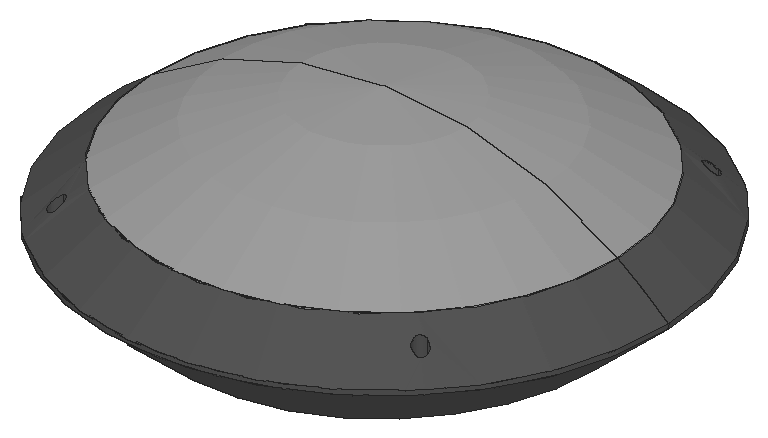
Revit family "0049003+0049033", category Lighting Fixtures, host Face, Revit 2017
Family settings
  Host = Face
  Round Connector Dimension = Use Diameter
  Part Type = Normal
  OmniClass Number = 23.80.70.00
  OmniClass Title = Lighting
  Cut with Voids When Loaded = No
  Light Source = Yes
  Shared = No
  Room Calculation Point = No
Parameters (values of type "0049003 Srt Surface IP66 1500lm 840 BK - 14.5 W")
  WidthCover_SYL = if([300mm_SYL], 27.5 mm, 31.3 mm)  # 31.3 mm
  WidthBottomSlope_SYL = if([300mm_SYL], 39.2 mm, 45.4 mm)  # 45.4 mm
  Weight = "10.0 kg"
  Wattage Comments = ""
  Wattage = 14.5 W
  WarrantyStartDate [instance] = "n/a"
  WarrantyGuarantorParts = "n/a"
  WarrantyDurationUnit = "n/a"
  WarrantyDurationParts = "n/a"
  WarrantyDescription = "n/a"
  built-in parameter 1150110 = 1 (stored number, unit not read)
  Voltage = 230 V
  URL = "http://www.sylvania-lighting.com"
  TypeName = "Start Surface IP66 1500lm 840 IK10 BLK - 14.5 W"
  Type Image = <None>
  Type Comments = "n/a"
  built-in parameter 1114217 = 1 (stored number, unit not read)
  Tilt Angle = -90.00°
  built-in parameter 1150109 = 1 (stored number, unit not read)
  built-in parameter 1150134 = 12
  built-in parameter 1150113 = 1 (stored number, unit not read)
  SerialNumber [instance] = "n/a"
  RadiusTopOffset_SYL = RadiusFront_SYL - 2 mm  # 252 mm
  RadiusEyelid_SYL = 252.4 mm
  PowerFactor = 0
  PowerConsumption = "14.5 W"
  Photometric Web File = "0049003_15W.ies"
  NominalLength = 350 mm
  NominalHeight = 110 mm
  NominalDepth = 350 mm
  Name = "Start Surface IP66 1500lm 840 IK10 BLK - 14.5 W"
  ModelReference = Name  # "Start Surface IP66 1500lm 840 IK10 BLK - 14.5 W"
  ModelNumber = "0049003"
  Model = Name  # "Start Surface IP66 1500lm 840 IK10 BLK - 14.5 W"
  Material = "polycarbonate body, polycaarbonate housing"
  ManufacturerName = "Feilo Sylvania"
  Manufacturer = "Feilo Sylvania"
  LuminousEfficacy = "103.4 lm/W"
  built-in parameter 1150105 = 497.19 (stored number, unit not read)
  Lumens = 1500 lm
  LuminaireType = ""
  built-in parameter 1150115 = 1 (stored number, unit not read)
  LightOutputRatio = "n/a"
  built-in parameter 1150137 = (empty or 0)
  built-in parameter 1150139 = (empty or 0)
  LampsType = Lamp  # "LED"
  LampNominalLuminous = "1500 lm"
  LampMacAdamStep = "n/a"
  LampColourTemperature = "4000 K"
  LampColourRenderingIndex = "80"
  built-in parameter 1150112 = 1 (stored number, unit not read)
  built-in parameter 1150114 = 1 (stored number, unit not read)
  Lamp = "LED"
  Keynote = "16500"
  InstallationDate [instance] = "n/a"
  InputVoltage = "220-240 V AC"
  InputNominalFrequency = "50/60 Hz"
  built-in parameter 1150132 = (empty or 0)
  built-in parameter 1150102 = (empty or 0)
  built-in parameter 1150107 = 4000 (stored number, unit not read)
  built-in parameter 1150138 = (empty or 0)
  IngressProtection = "IP66"
  ImpactProtectionIndex = "IK10"
  built-in parameter 1150106 = 4.9719 (stored number, unit not read)
  IfcExportType = "IfcLightFixtureType"
  IfcExportAs = "IfcLightFixtureType"
  HoleRad_SYL = if([300mm_SYL], 134 mm, 158.3 mm)  # 158.3 mm
  HoleHoleRad_SYL = 4.7 mm
  HoleAngle_SYL = 45.00°
  Height_SYL = if([300mm_SYL], 95 mm, 113 mm)  # 113 mm
  HeightFrontSlope_SYL = if([300mm_SYL], 22 mm, 26 mm)  # 26 mm
  HeightBottomSlope_SYL = if([300mm_SYL], 30 mm, 38 mm)  # 38 mm
  RadiusFront_SYL = if([300mm_SYL], 216.5 mm, 254 mm)  # 254 mm
  Eyelid_SYL = no
  ExpectedLife = 50000
  Emit from Circle Diameter = Diameter_SYL - 2 * WidthCover_SYL  # 287.4 mm
  Emit Shape Visible in Rendering = no
  ElectricShockClassification = "Class II"
  built-in parameter 1150104 = 9.6107 (stored number, unit not read)
  DurationUnit = "hours"
  DocumentationLiterature = "http://www.sylvania-lighting.com/product/en-int/products/0049003"
  DimmingControlOptions = "Non dimmable"
  Material_2_SYL = LED-Sylvania-StartSurfaceIP66
  Dimming Lamp Color Temperature Shift = <None>
  Diameter_SYL = if([300mm_SYL], 300 mm, 350 mm)  # 350 mm
  Description = "LED exterior surface mounted luminaire, 350mm diameter, 1500lm as max. lumen output, can be adjusted down to 730lm by internal switch, 15W power consumption, 100lm/W efficacy, 4000K color temperature, CRI80, non-dimmable, IP66, IK10, 50,000 hours (L70), black housing, vandal resistant"
  Default Elevation = 1219.2 mm
  CreatedOn = "7/9/2019"
  CreatedBy = "@sylvania-lighting.com"
  Cost = 0
  Color Filter = 16777215
  built-in parameter 1114216 [instance] = (empty or 0)
  ClassificationValue = "EF_70_80"
  ClassificationName = "Uniclass2015"
  Material_1_SYL = Body-Sylvania-StartSurfaceIP66-Black
  BarCode [instance] = "n/a"
  built-in parameter 1114218 = 1 (stored number, unit not read)
  built-in parameter 1150133 = 10 (stored number, unit not read)
  AssetType = "Fixed"
  AssetIdentifier [instance] = "n/a"
  Assembly Code = "D5020200"
  Apparent Load = 14.5 VA
  Material_3_SYL = none
  300mm_SYL = no
Types (3, lengths in mm): name | Wattage | TypeName | PowerConsumption | Photometric Web File | Name | ModelReference | Model | LuminousEfficacy | built-in parameter 1150105 | Lumens | LampNominalLuminous | built-in parameter 1150106 | Eyelid_SYL | built-in parameter 1150104 | Apparent Load
  0049003 Srt Surface IP66 1500lm 840 BK - 14.5 W | 14.5 W | "Start Surface IP66 1500lm 840 IK10 BLK - 14.5 W" | "14.5 W" | "0049003_15W.ies" | "Start Surface IP66 1500lm 840 IK10 BLK - 14.5 W" | "Start Surface IP66 1500lm 840 IK10 BLK - 14.5 W" | "Start Surface IP66 1500lm 840 IK10 BLK - 14.5 W" | "103.4 lm/W" | 497.19 (stored number, unit not read) | 1500 lm | "1500 lm" | 4.9719 (stored number, unit not read) | no | 9.6107 (stored number, unit not read) | 14.5 VA
  0049003 Srt Surface IP66 1500lm 840 BK - 6.5 W | 6.5 W | "Start Surface IP66 1500lm 840 IK10 BLK - 6.5 W" | "6.5 W" | "0049003_7W.ies" | "Start Surface IP66 1500lm 840 IK10 BLK - 6.5 W" | "Start Surface IP66 1500lm 840 IK10 BLK - 6.5 W" | "Start Surface IP66 1500lm 840 IK10 BLK - 6.5 W" | "112.3 lm/W" | 233.21 (stored number, unit not read) | 730 lm | "730 lm" | 2.3321 (stored number, unit not read) | no | 10.434 (stored number, unit not read) | 6.5 VA
  0049003+0049033 Srt Surface IP66 1500lm 840 BK - 14.5 W + Eyelid | 14.5 W | "Start Surface IP66 1500lm 840 IK10 BLK - 14.5 W" | "14.5 W" | "0049003+0049033.ies" | "Start Surface IP66 1500lm 840 IK10 BLK - 14.5 W" | "Start Surface IP66 1500lm 840 IK10 BLK - 14.5 W" | "Start Surface IP66 1500lm 840 IK10 BLK - 14.5 W" | "103.4 lm/W" | 497.19 (stored number, unit not read) | 1500 lm | "1500 lm" | 4.9719 (stored number, unit not read) | yes | 9.6107 (stored number, unit not read) | 14.5 VA
Reference planes
  plane 1 "Center (Front/Back)": y = 0
  plane 2: z = 0
  plane 3 "Center (Left/Right)": x = 0
  plane 4: x = 175
  plane 5: x = -175
  plane 6: z = 38
  plane 7: x = -129.6
  plane 8: x = 129.6
  plane 9: x = -143.7
  plane 10: z = 41
  plane 11: y = -13
  plane 12: z = 67
  plane 13: z = 113
  plane 14: z = 42.5
  plane 15: x = 3.3
  plane 16: x = -3.3
  plane 17: y = 3.25
  plane 18: y = -3.35
  plane 19: y = 44.25
  plane 20: y = -44.35
  plane 21: y = 50.75
  plane 22: y = -50.85
  plane 23: y = -91.85
  plane 24: y = 91.75
  plane 25: y = 97.75
  plane 26: y = -97.85
Forms (mm)
  Revolve 1, solid, material "Body-Sylvania-StartSurfaceIP66-Black" <- "Material_1_SYL"
    sketch origin (0, 0, 0) x (1, 0, 0) y (0, 0, 1)
      loop
        line (0, 0) -> (0, 41) -> (-143.7, 41) -> (-143.7, 66.348)
        arc (-143.7, 66.348) -> (-159.853, 54.295) -> (-175, 41) r 254
        line (-175, 41) -> (-175, 38) -> (-129.6, 0) -> (0, 0)
      axis (0, 66.348) -> (0, 0)
    angle from 360 to 0
  Extrusion 2, void
    sketch origin (-1524.635, -4572, 41) x (0, -1, 0) y (-1, 0, 0)
      loop
        line (-4367.393, -1349.635) -> (-4559, -1349.635)
        arc (-4559, -1349.635) -> (-4576.647, -1524.635) -> (-4559, -1699.635) r 876.532
        line (-4559, -1699.635) -> (-4367.393, -1699.635) -> (-4367.393, -1349.635)
    from -85.687 to 41
  Extrusion 3, void
    sketch origin (-1534.635, -4572, 67) x (0, -1, 0) y (-1, 0, 0)
      loop
        circle (-4683.935, -1422.7) r 4.7
      loop
        circle (-4683.935, -1646.57) r 4.7
      loop
        circle (-4460.065, -1646.57) r 4.7
      loop
        circle (-4460.065, -1422.7) r 4.7
    from 0.652 to 29
  Revolve 4, solid, material "LED-Sylvania-StartSurfaceIP66" <- "Material_2_SYL"
    sketch origin (0, 0, 0) x (1, 0, 0) y (0, 0, 1)
      loop
        line (-143.7, 66.348) -> (-143.7, 63.918)
        arc (-143.7, 63.918) -> (-75.289, 97.395) -> (0, 108.905) r 252
        line (0, 108.905) -> (0, 110.905)
        arc (0, 110.905) -> (-75.225, 99.51) -> (-143.7, 66.348) r 254
      axis (0, 110.905) -> (0, 63.918)
    angle from 360 to 0
  Revolve 5, solid, material "Body-Sylvania-StartSurfaceIP66-Black" <- "Material_1_SYL", visible <- "Eyelid_SYL"
    sketch origin (0, 0, 0) x (1, 0, 0) y (0, 0, 1)
      loop
        line (-175, 42.5) -> (-175, 41)
        arc (-175, 41) -> (-94.223, 92.782) -> (0, 110.905) r 254
        line (0, 110.905) -> (0, 113.019)
        arc (0, 113.019) -> (-94.337, 94.726) -> (-175, 42.5) r 252.4
      axis (0, 113.019) -> (0, 41)
    angle from 360 to 0
Cuts and joins
  Extrusion 3 cuts Revolve 1
  Extrusion 2, Extrusion 3 cuts Revolve 5
Lines and regions (mm)
  reference lines
    curve 1: circle (0, 0, 0) r 158.3 normal (0, 0, 1)
    curve 2: line (0, 0, 0) -> (-111.935, 111.935, 0)
    curve 3: line (0, 0, 0) -> (111.935, 111.935, 0)
    curve 4: line (0, 0, 0) -> (-111.935, -111.935, 0)
    curve 5: line (0, 0, 0) -> (111.935, -111.935, 0)
    curve 6: arc (-175, 0, 41) -> (-61.42, 0, 103.367) -> (68.144, 0, 101.593) r 254
    curve 7: circle (0, 0, 41) r 158.3 normal (0, 0, 1)
    curve 8: line (111.935, -108.883, 41) -> (111.935, -111.935, 41)
    curve 9: circle (111.935, -111.935, 41) r 4.7 normal (0, 0, 1)
    curve 10: line (111.935, 111.935, 41) -> (111.935, 116.935, 41)
    curve 11: line (-111.935, 111.935, 41) -> (-111.935, 116.935, 41)
    curve 12: line (-111.935, -111.935, 41) -> (-111.935, -116.935, 41)
    curve 13: circle (-111.935, 111.935, 41) r 4.7 normal (0, 0, 1)
    curve 14: circle (111.935, 111.935, 41) r 4.7 normal (0, 0, 1)
    curve 15: circle (-111.935, -111.935, 41) r 4.7 normal (0, 0, 1)
    curve 16: arc (129.6, 0, 73.025) -> (-8.393, 0, 108.765) -> (-143.7, 0, 63.918) r 252
    curve 17: arc (-175, 0, 42.5) -> (0, 0, 113.019) -> (175, 0, 42.5) r 252.4
    curve 18: circle (0, 0, 67) r 145.5 normal (0, 0, 1)
Dimensions and locks
  equal spacing: plane 4, plane 3 "Center (Left/Right)", plane 5
  "Diameter_SYL": plane 4 to plane 5
  equal spacing: plane 8, plane 3 "Center (Left/Right)", plane 7
  "WidthBottomSlope_SYL": plane 7 to plane 5
  locked: plane 10 to plane 6 at 3
  locked: plane 11 to plane 1 "Center (Front/Back)" at 13
  "WidthCover_SYL": plane 9 to plane 5
  locked: plane 1 "Center (Front/Back)" to host face at 300
  "HeightBottomSlope_SYL": plane 6 to plane 2
  "HeightFrontSlope_SYL": plane 12 to plane 10
  "Height_SYL": plane 13 to plane 2
  locked: plane 14 to plane 10 at 1.5
  plane 26 to plane 23 to plane 22 to plane 20 to plane 18 to plane 17 to plane 19 to plane 21 to plane 24 to plane 25 = 6 mm locked, 41 mm locked, 6.5 mm locked, 41 mm locked, 6.6 mm locked, 41 mm locked, 6.5 mm locked, 41 mm locked, 6 mm locked
  locked: plane 1 "Center (Front/Back)" to plane 17 at 3.25
  "HoleRad_SYL": radius of curve 1
  "RadiusFront_SYL": radius of curve 6
  "HoleRad_SYL": radius of curve 7
  "HoleHoleRad_SYL": radius of curve 9
  "HoleHoleRad_SYL": radius of curve 13
  "HoleHoleRad_SYL": radius of curve 14
  "HoleHoleRad_SYL": radius of curve 15
  "RadiusTopOffset_SYL": radius of curve 16
  "RadiusEyelid_SYL": radius of curve 17
  radius of curve 18 = 145.5 mm
  "HoleAngle_SYL": angle curve 2 to plane 1 "Center (Front/Back)"
  "HoleAngle_SYL": angle plane 1 "Center (Front/Back)" to curve 3
  "HoleAngle_SYL": angle plane 1 "Center (Front/Back)" to curve 4
  "HoleAngle_SYL": angle curve 5 to plane 1 "Center (Front/Back)"
  aligned and locked: plane 2 to host face
  aligned and locked: level to host face
  aligned and locked: Revolve 1 sketch curve to plane 3 "Center (Left/Right)"  (x2)
  aligned and locked: level to Revolve 1 sketch curve
  aligned and locked: plane 5 to Revolve 1 sketch curve
  aligned and locked: Revolve 1 sketch curve to plane 10
  aligned and locked: plane 4 to Extrusion 2
  aligned and locked: Extrusion 2 to plane 5
  aligned and locked: plane 3 "Center (Left/Right)" to curve 6
  aligned and locked: Extrusion 2 to level
  aligned and locked: plane 10 to curve 6
  aligned and locked: Revolve 1 sketch curve to curve 6
  aligned and locked: plane 3 "Center (Left/Right)" to curve 7
  aligned and locked: plane 1 "Center (Front/Back)" to curve 7
  aligned and locked: plane 3 "Center (Left/Right)" to curve 5
  aligned and locked: curve 8 to curve 5
  aligned and locked: curve 5 to curve 9
  aligned and locked: curve 8 to curve 9
  aligned and locked: curve 3 to curve 10
  aligned and locked: curve 2 to curve 11
  aligned and locked: curve 4 to curve 12
  aligned and locked: curve 2 to curve 13
  aligned and locked: curve 13 to curve 11
  aligned and locked: curve 4 to curve 15
  aligned and locked: curve 15 to curve 12
  aligned and locked: curve 3 to curve 14
  aligned and locked: curve 14 to curve 10
  aligned and locked: Extrusion 3 sketch curve to curve 13
  aligned and locked: Extrusion 3 sketch curve to curve 14
  aligned and locked: Extrusion 3 sketch curve to curve 9
  aligned and locked: Extrusion 3 sketch curve to curve 15
  aligned and locked: Revolve 1 to Extrusion 3
  aligned and locked: Extrusion 3 to plane 6
  aligned and locked: Revolve 4 sketch curve to plane 3 "Center (Left/Right)"  (x2)
  aligned and locked: plane 9 to curve 16
  aligned and locked: plane 8 to curve 16
  aligned and locked: plane 3 "Center (Left/Right)" to curve 16
  aligned and locked: Revolve 4 sketch curve to curve 6
  aligned and locked: Revolve 4 sketch curve to curve 16
  aligned and locked: Revolve 4 sketch curve to plane 9
  aligned and locked: Extrusion 2 to plane 2
  aligned and locked: plane 4 to curve 17
  aligned and locked: plane 14 to curve 17  (x2)
  aligned and locked: plane 5 to curve 17
  aligned and locked: Revolve 5 sketch curve to curve 17
  aligned and locked: Revolve 5 sketch curve to plane 3 "Center (Left/Right)"  (x2)
  aligned and locked: Revolve 5 sketch curve to plane 5
  aligned and locked: Revolve 5 sketch curve to curve 6
  aligned and locked: plane 13 to imposter light
  aligned and locked: plane 15 to imposter light
  aligned and locked: imposter light to plane 1 "Center (Front/Back)"
Automatic sketch dimensions
  host sketch curve to host sketch curve = 600 mm  (x2)
  plane 1 "Center (Front/Back)" to curve 1 = 0 mm
  curve 1 to plane 3 "Center (Left/Right)" = 0 mm
  plane 1 "Center (Front/Back)" to curve 3 = 0 mm
  plane 5 to Extrusion 2 sketch curve = 0 mm
  plane 4 to Extrusion 2 sketch curve = 0 mm
  plane 11 to Extrusion 2 sketch curve = 191.607 mm
  Extrusion 2 sketch curve to Extrusion 2 sketch curve = 667.277 mm
  plane 11 to Extrusion 2 sketch curve = 0 mm  (x2)
  Revolve 1 sketch curve to plane 7 = 0 mm
  Revolve 1 sketch curve to plane 6 = 0 mm
  Revolve 1 sketch curve to Revolve 1 sketch curve = 486.484 mm
  Revolve 1 sketch curve to plane 9 = 0 mm
  Revolve 1 sketch curve to Revolve 1 sketch curve = 2555.164 mm
  curve 10 to curve 10 = 5 mm
  curve 11 to curve 11 = 5 mm
  curve 8 to curve 8 = 3.052 mm
  curve 15 to curve 12 = 5 mm
  Revolve 4 sketch curve to level = 629.579 mm
  Revolve 4 sketch curve to Revolve 4 sketch curve = 2515.674 mm
  curve 6 to curve 16 = 0 mm
  curve 6 to plane 5 = 0 mm
  curve 6 to plane 13 = 11.407 mm
  Revolve 5 sketch curve to Revolve 5 sketch curve = 466.505 mm
  Revolve 5 sketch curve to Revolve 5 sketch curve = 2496.039 mm
  plane 1 "Center (Front/Back)" to curve 18 = 0 mm
  curve 18 to plane 3 "Center (Left/Right)" = 0 mm
Connectors
  electrical at (0, 0, 0), driven by "Apparent Load", driven by "PowerFactor", driven by "Voltage"
    settings: index 1, voltage 230 V, apparent load 14.5 VA, apparent load phase1 0 VA, apparent load phase2 0 VA, apparent load phase3 0 VA, power factor 0, load classification "Lighting", number of poles 1, system type 30, power factor state 1, is connector primary yes, connector utility no, sub classification motor no, connector description ""
